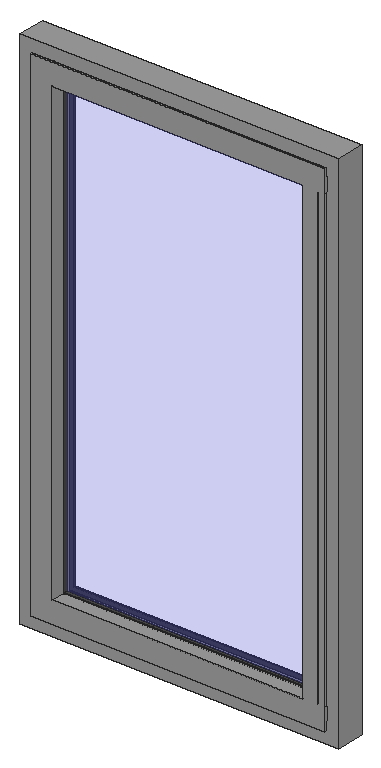
Revit family "SS_3250_LAP IC001_v02", category Windows, host Wall, Revit 2015
Parameters
  Wall Thickness [instance] = 0' - 6"
  URL = "obe.com"
  Rough Width = Width + 0' 0 1/2"  # 3' - 0 1/2"
  Rough Height = Height + 0' 0 1/2"  # 5' - 0 1/2"
  Offset Limitation [instance] = if((Offset + 0' 3 1/4") > Wall Thickness, (Wall Thickness - 0' 3 1/4"), Offset)  # 0' - 0"
  Offset [instance] = 0' - 0"
  Model = "SS_3250_LAP IC001"
  Manufacturer = "Oldcastle BuildingEnvelope®"
  Keynote = "08 51 00"
  Height = 5' - 0"
  Glass Material = Glass
  Gasket Material = Gasket
  Frame Material = Aluminum
  Description = "SIGNATURE SERIES 3.25 LAP"
  Default Sill Height = 3' - 0"
  Wall Closure = By host
  Width = 3' - 0"
  Assembly Code = "B2020\r\nB2020\r\n"
Reference planes (in)
  plane 1 "Center (Front/Back)": y = 0
  plane 2: z = 0
  plane 3 "Center (Left/Right)": x = 0.25
  plane 4 "Left": x = -18
  plane 5 "Right": x = 18.5
  plane 6 "Sill": z = 36
  plane 7 "Top": z = 96.5
  plane 8 "Offset": y = 3
  plane 9: x = 18.25
  plane 10: z = 96.25
  plane 11: x = -17.75
  plane 12: z = 36.25
  plane 13: z = 39.25
  plane 14: z = 93.25
  plane 15: z = 66.25
  plane 16 "INT": y = 1.451
Forms (in)
  Sweep 1, solid, material "Aluminum" <- "Frame Material"
    path origin (0, 3, 0) x (-1, 0, 0) y (0, 0, 1)
      loop
        line (17.75, 36) -> (17.75, 96.5)
    profile origin (-17.75, 3, 66.25) x (1, 0, 0) y (0, 1, 0)
      loop
        line (1.36814, -3.25) -> (1.36814, -0.08) -> (2.25, -0.08) -> (2.25, 0) -> (-0.25, 0) -> (-0.25, -0.08) -> (-0.25, -3.17) -> (-0.25, -3.25) -> (1.36814, -3.25)
  Extrusion 2, solid, material "Glass" <- "Glass Material"
    sketch origin (0, 0, 36) x (0, -1, 0) y (1, 0, 0)
      loop
        line (-2.451, 15.25) -> (-2.451, -14.75) -> (-1.451, -14.75) -> (-1.451, 15.25) -> (-2.451, 15.25)
    from 3.25 to 57.25
  Sweep 3, solid, material "Aluminum" <- "Frame Material"
    path origin (0, 3, 0) x (-1, 0, 0) y (0, 0, 1)
      loop
        line (-18.25, 96.5) -> (-18.25, 36)
    profile origin (18.25, 3, 66.25) x (0, 1, 0) y (-1, 0, 0)
      loop
        line (0, 2.25) -> (-0.08, 2.25) -> (-0.08, 1.36814) -> (-3.25, 1.36814) -> (-3.25, -0.25) -> (0, -0.25) -> (0, 2.25)
  Sweep 4, solid, material "Aluminum" <- "Frame Material"
    path origin (0, 3, 0) x (-1, 0, 0) y (0, 0, 1)
      loop
        line (18, 36.25) -> (-18.5, 36.25)
    profile origin (0.25, 3, 36.25) x (0, 0, -1) y (0, 1, 0)
      loop
        line (0.25, -3.25) -> (0.25, 0) -> (-2.25, 0) -> (-2.25, -0.174) -> (-1.375, -0.174) -> (-1.375, -3.25) -> (0.25, -3.25)
  Sweep 5, solid, material "Aluminum" <- "Frame Material"
    path origin (0, 3, 0) x (-1, 0, 0) y (0, 0, 1)
      loop
        line (-18.5, 96.25) -> (18, 96.25)
    profile origin (0.25, 3, 96.25) x (0, 0, 1) y (0, 1, 0)
      loop
        line (0.25, 0) -> (-2.25, 0) -> (-2.25, -0.17965) -> (-1.37526, -0.17965) -> (-1.37526, -3.25) -> (0.25, -3.25) -> (0.25, 0)
  Sweep 6, solid, material "Gasket" <- "Gasket Material", detail levels fine
    path origin (0, 3, 0) x (-1, 0, 0) y (0, 0, 1)
      loop
        line (-14.625, 92.625) -> (-14.625, 39.875) -> (14.125, 39.875) -> (14.125, 92.625) -> (-14.625, 92.625)
    profile origin (0.25, 3, 92.625) x (0, 0, 1) y (0, 1, 0)
      loop
        line (0.34093, -0.42398) -> (-0.014, -0.42398) -> (-0.014, -0.27489) -> (-0.05125, -0.28625) -> (-0.15422, -0.549) -> (0.34093, -0.549) -> (0.34093, -0.42398)
      loop
        line (-0.125, -1.549) -> (-0.03895, -1.829) -> (-0.00014, -1.829) -> (-0.01214, -1.74898) -> (0.16122, -1.74898) -> (0.23207, -1.66148) -> (0.3225, -1.58826)
        arc (0.3225, -1.58826) -> (0.33392, -1.57024) -> (0.33208, -1.549) r 0.03334
        line (0.33208, -1.549) -> (-0.125, -1.549)
  Sweep 7, solid, material "Aluminum" <- "Frame Material"
    path origin (0, 3, 0) x (-1, 0, 0) y (0, 0, 1)
      loop
        line (17.75, 95.1162) -> (17.75, 37.3838)
    profile origin (-17.75, 3, 66.25) x (0, 1, 0) y (-1, 0, 0)
      loop
        line (-0.25, -2) -> (-3.375, -2) -> (-3.375, -1.1338) -> (-3.5, -1.15625) -> (-3.5, -3.625) -> (-1.74898, -3.625) -> (-1.74898, -3) -> (-0.424, -3) -> (-0.424, -3.625) -> (-0.25, -3.625) -> (-0.25, -2)
  Sweep 8, solid, material "Aluminum" <- "Frame Material"
    path origin (0, 3, 0) x (-1, 0, 0) y (0, 0, 1)
      loop
        line (-18.25, 95.1162) -> (-18.25, 37.3838)
    profile origin (18.25, 3, 66.25) x (0, 1, 0) y (-1, 0, 0)
      loop
        line (-0.25, 2) -> (-0.25, 3.625) -> (-0.424, 3.625) -> (-0.424, 3) -> (-1.749, 3) -> (-1.749, 3.625) -> (-3.5, 3.625) -> (-3.5, 1.15625) -> (-3.375, 1.1338) -> (-3.375, 2) -> (-0.25, 2)
  Sweep 9, solid, material "Aluminum" <- "Frame Material"
    path origin (0, 3, 0) x (-1, 0, 0) y (0, 0, 1)
      loop
        line (-17.1162, 96.25) -> (16.6162, 96.25)
    profile origin (0.25, 3, 96.25) x (0, 0, 1) y (0, 1, 0)
      loop
        line (-2, -0.25) -> (-3.625, -0.25) -> (-3.625, -0.42398) -> (-3, -0.42398) -> (-3, -1.74898) -> (-3.62506, -1.74898) -> (-3.62506, -3.5) -> (-1.125, -3.5) -> (-1.125, -3.326) -> (-2, -3.326) -> (-2, -0.25)
  Sweep 10, solid, material "Aluminum" <- "Frame Material"
    path origin (0, 3, 0) x (-1, 0, 0) y (0, 0, 1)
      loop
        line (16.6162, 36.25) -> (-17.1162, 36.25)
    profile origin (0.25, 3, 36.25) x (0, 0, -1) y (0, 1, 0)
      loop
        line (-3.625, -0.25) -> (-3.625, -0.42398) -> (-3, -0.42398) -> (-3, -1.74898) -> (-3.625, -1.74898) -> (-3.625, -3.5) -> (-1.11135, -3.5) -> (-1.11135, -3.326) -> (-2, -3.326) -> (-2, -0.25) -> (-3.625, -0.25)
Cuts and joins
  joined: Sweep 1, Sweep 3, Sweep 4, Sweep 5
  joined: Sweep 7, Sweep 8, Sweep 9, Sweep 10
Lines and regions (in)
  Opening 1
    outline origin (-60, -3, 0) x (1, 0, 0) y (0, 0, 1)
      loop
        line (42, 96.5) -> (42, 36) -> (78.5, 36) -> (78.5, 96.5) -> (42, 96.5)
  model lines, style "Opening Direction"
    curve 1: line (14.625, 1.451, 92.625) -> (-14.125, 1.451, 66.25)
    curve 2: line (14.625, 1.451, 39.87506) -> (-14.125, 1.451, 66.25)
Text (in)
  text "EXTERIOR" at (-58.6888, 50.90694, 0), in view "Ref. Level"
  text "INTERIOR" at (-58.6888, -45.26638, 0), in view "Ref. Level"
  text "Exterior" at (0, 43.65631, 123.19604), in view "Left"
  text "Exterior" at (0, 18.29385, 125.04747), in view "Right"
  text "Min Size\n\n18\" width x 18\" height\n\n\n\nMax Size\n\n48\" x 84\"\n\n\n\nMax Operable Area\n\n21 square feet\n\n\n\nOperable Width must be less than or equal to height" at (104.46544, 66.81893, 0), in view "Ref. Level"
Dimensions and locks (in)
  "Rough Width": plane 4 "Left" to plane 5 "Right"
  "Rough Height": plane 6 "Sill" to plane 7 "Top"
  "Default Sill Height": plane 2 to plane 6 "Sill"
  "Wall Thickness": host wall to host wall
  "Offset Limitation": host wall to plane 8 "Offset"
  locked: plane 9 to plane 5 "Right" at 0.25
  locked: plane 10 to plane 7 "Top" at 0.25
  "Height": plane 12 to plane 10
  "Width": plane 11 to plane 9
  locked: plane 14 to plane 10 at 3
  locked: plane 12 to plane 13 at 3
  plane 8 "Offset" to Extrusion 2 sketch curve to Extrusion 2 sketch curve = 0' - 0.549" locked, 0' - 1" locked
  equal spacing: plane 4 "Left", plane 3 "Center (Left/Right)", plane 5 "Right"
  equal spacing: plane 6 "Sill", plane 15, plane 7 "Top"
  locked: plane 16 "INT" to plane 8 "Offset" at 1.549
  locked: Sweep 9 sketch curve to plane 9 at 1.1338
  locked: plane 11 to Sweep 9 sketch curve at 1.1338
  locked: plane 11 to Sweep 10 sketch curve at 1.1338
  locked: Sweep 10 sketch curve to plane 9 at 1.1338
  locked: Sweep 7 sketch curve to plane 10 at 1.1338
  locked: plane 12 to Sweep 7 sketch curve at 1.1338
  locked: plane 12 to Sweep 8 sketch curve at 1.1338
  locked: Sweep 8 sketch curve to plane 10 at 1.1338
  aligned and locked: plane 7 "Top" to Opening 1 sketch curve
  aligned and locked: plane 6 "Sill" to Opening 1 sketch curve  (x2)
  aligned and locked: plane 5 "Right" to Opening 1 sketch curve
  aligned and locked: plane 4 "Left" to Opening 1 sketch curve
  aligned and locked: level to plane 2
  aligned and locked: plane 13 to Extrusion 2
  aligned and locked: Extrusion 2 to plane 14
  aligned and locked: plane 15 to curve 2
  aligned and locked: Sweep 7 sketch curve to plane 11
  aligned and locked: Sweep 8 sketch curve to plane 9
  aligned and locked: plane 10 to Sweep 9 sketch curve
  aligned and locked: Sweep 10 sketch curve to plane 12
Automatic sketch dimensions
  Extrusion 2 sketch curve to plane 11 = 0' - 3"
  plane 9 to Extrusion 2 sketch curve = 0' - 3"
  plane 9 to Sweep 3 sketch curve = 0' - 0"
  plane 12 to Sweep 3 sketch curve = 0' - 0 1/4"
  Sweep 3 sketch curve to plane 10 = 0' - 0 1/4"
  Sweep 3 sketch curve to plane 8 "Offset" = 0' - 0"
  profile plane to Sweep 3 sketch curve = 0' - 0 1/4"
  Sweep 1 sketch curve to plane 8 "Offset" = 0' - 0"
  profile plane to Sweep 1 sketch curve = 0' - 0 1/4"
  Sweep 1 sketch curve to Sweep 1 sketch curve = 0' - 3.17"
  Sweep 1 sketch curve to Sweep 1 sketch curve = 0' - 0.08"  (x3)
  Sweep 4 sketch curve to plane 8 "Offset" = 0' - 0"
  Sweep 4 sketch curve to profile plane = 0' - 0 1/4"
  Sweep 6 sketch curve to plane 13 = 0' - 0 5/8"
  Sweep 6 sketch curve to plane 11 = 0' - 3 5/8"
  plane 14 to Sweep 6 sketch curve = 0' - 0 5/8"
  plane 9 to Sweep 6 sketch curve = 0' - 3 5/8"
  profile plane to Sweep 6 sketch curve = 0' - 0.15422"
  profile plane to Sweep 6 sketch curve = 0' - 0 1/8"
  profile plane to Sweep 6 sketch curve = 0' - 0.05125"
  profile plane to Sweep 6 sketch curve = 0' - 0.014"
  profile plane to Sweep 6 sketch curve = 0' - 0.01214"
  Sweep 6 sketch curve to profile plane = 0' - 0.16122"
  Sweep 6 sketch curve to Sweep 6 sketch curve = 0' - 0.07085"
  Sweep 6 sketch curve to Sweep 6 sketch curve = 0' - 0.06945"
  Sweep 6 sketch curve to Sweep 6 sketch curve = 0' - 0.02098"
  Sweep 6 sketch curve to Sweep 6 sketch curve = 0' - 0.03056"
  Sweep 6 sketch curve to profile plane = 0' - 0.34093"
  Sweep 6 sketch curve to plane 8 "Offset" = 0' - 1.74898"
  Sweep 6 sketch curve to Sweep 6 sketch curve = 0' - 0.0875"
  Sweep 6 sketch curve to Sweep 6 sketch curve = 0' - 0.07323"
  Sweep 6 sketch curve to Sweep 6 sketch curve = 0' - 0.02591"
  Sweep 6 sketch curve to plane 8 "Offset" = 0' - 0.549"
  Sweep 6 sketch curve to Sweep 6 sketch curve = 0' - 0.12502"
  Sweep 6 sketch curve to Sweep 6 sketch curve = 0' - 0.13773"
  Sweep 6 sketch curve to Sweep 6 sketch curve = 0' - 0.01136"
  profile plane to Sweep 6 sketch curve = 0' - 0.03895"
  profile plane to Sweep 6 sketch curve = 0' - 0.00014"
  Sweep 6 sketch curve to Sweep 6 sketch curve = 0' - 0.08002"
  plane 11 to Sweep 1 sketch curve = 0' - 0"
  Sweep 1 sketch curve to plane 6 "Sill" = 0' - 0"
  Sweep 1 sketch curve to plane 7 "Top" = 0' - 0"
  plane 5 "Right" to Sweep 5 sketch curve = 0' - 0"
  plane 4 "Left" to Sweep 5 sketch curve = 0' - 0"
  Sweep 5 sketch curve to plane 10 = 0' - 0"
  plane 5 "Right" to Sweep 4 sketch curve = 0' - 0"
  plane 4 "Left" to Sweep 4 sketch curve = 0' - 0"
  Sweep 4 sketch curve to plane 12 = 0' - 0"
  curve 1 to plane 11 = 0' - 3 5/8"
  curve 2 to plane 13 = 0' - 0.62506"
  plane 9 to curve 2 = 0' - 3 5/8"
  plane 14 to curve 1 = 0' - 0 5/8"
  plane 9 to curve 1 = 0' - 3 5/8"
  Sweep 5 sketch curve to plane 8 "Offset" = 0' - 0"
  profile plane to Sweep 5 sketch curve = 0' - 2 1/4"
  Sweep 5 sketch curve to profile plane = 0' - 0 1/4"
  Sweep 5 sketch curve to Sweep 5 sketch curve = 0' - 3 1/4"
  Sweep 5 sketch curve to Sweep 5 sketch curve = 0' - 0.87474"
  Sweep 5 sketch curve to plane 8 "Offset" = 0' - 0.17965"
  Sweep 4 sketch curve to Sweep 4 sketch curve = 0' - 3 1/4"
  Sweep 4 sketch curve to Sweep 4 sketch curve = 0' - 0.174"
  Sweep 4 sketch curve to Sweep 4 sketch curve = 0' - 0 7/8"
  profile plane to Sweep 4 sketch curve = 0' - 1 3/8"
  Sweep 1 sketch curve to profile plane = 0' - 1.36814"
  Sweep 1 sketch curve to Sweep 1 sketch curve = 0' - 0.88186"
  Sweep 3 sketch curve to plane 8 "Offset" = 0' - 0.08"
  Sweep 3 sketch curve to plane 8 "Offset" = 0' - 3 1/4"
  Sweep 3 sketch curve to profile plane = 0' - 1.36814"
  Sweep 3 sketch curve to Sweep 3 sketch curve = 0' - 0.88186"
  Sweep 7 sketch curve to plane 8 "Offset" = 0' - 3 1/2"
  Sweep 7 sketch curve to plane 8 "Offset" = 0' - 1.74898"
  Sweep 7 sketch curve to plane 8 "Offset" = 0' - 0.424"
  Sweep 7 sketch curve to Sweep 7 sketch curve = 0' - 0.174"
  Sweep 7 sketch curve to Sweep 7 sketch curve = 0' - 0"
  Sweep 7 sketch curve to Sweep 7 sketch curve = 0' - 0 5/8"
  Sweep 7 sketch curve to Sweep 7 sketch curve = 0' - 1"
  Sweep 7 sketch curve to Sweep 7 sketch curve = 0' - 0 1/8"
  Sweep 7 sketch curve to Sweep 7 sketch curve = 0' - 0 27/32"
  profile plane to Sweep 7 sketch curve = 0' - 1 5/32"
  profile plane to Sweep 7 sketch curve = 0' - 1.1338"
  Sweep 8 sketch curve to plane 8 "Offset" = 0' - 0 1/4"
  Sweep 8 sketch curve to Sweep 8 sketch curve = 0' - 0.174"
  Sweep 8 sketch curve to Sweep 8 sketch curve = 0' - 0"
  Sweep 8 sketch curve to Sweep 8 sketch curve = 0' - 1.325"
  Sweep 8 sketch curve to Sweep 8 sketch curve = 0' - 0 5/8"
  Sweep 8 sketch curve to profile plane = 0' - 1.1338"
  Sweep 8 sketch curve to Sweep 8 sketch curve = 0' - 0 1/8"
  Sweep 8 sketch curve to Sweep 8 sketch curve = 0' - 1.626"
  Sweep 8 sketch curve to Sweep 8 sketch curve = 0' - 0.02245"
  Sweep 8 sketch curve to Sweep 8 sketch curve = 0' - 0.8662"
  Sweep 8 sketch curve to Sweep 8 sketch curve = 0' - 1"
  Sweep 10 sketch curve to plane 8 "Offset" = 0' - 0 1/4"
  profile plane to Sweep 10 sketch curve = 0' - 3 5/8"
  Sweep 10 sketch curve to Sweep 10 sketch curve = 0' - 0"
  Sweep 10 sketch curve to Sweep 10 sketch curve = 0' - 0 5/8"
  Sweep 10 sketch curve to Sweep 10 sketch curve = 0' - 1 5/8"
  Sweep 10 sketch curve to Sweep 10 sketch curve = 0' - 0.88865"
  Sweep 10 sketch curve to Sweep 10 sketch curve = 0' - 0.17398"
  Sweep 10 sketch curve to Sweep 10 sketch curve = 0' - 1.325"
  Sweep 10 sketch curve to Sweep 10 sketch curve = 0' - 1.57702"
  Sweep 10 sketch curve to Sweep 10 sketch curve = 0' - 0.174"
  profile plane to Sweep 9 sketch curve = 0' - 3.62506"
  Sweep 9 sketch curve to plane 8 "Offset" = 0' - 0.42398"
  Sweep 9 sketch curve to Sweep 9 sketch curve = 0' - 0.00006"
  Sweep 9 sketch curve to Sweep 9 sketch curve = 0' - 0.62506"
  Sweep 9 sketch curve to Sweep 9 sketch curve = 0' - 1.62506"
  Sweep 9 sketch curve to Sweep 9 sketch curve = 0' - 0 7/8"
  Sweep 9 sketch curve to Sweep 9 sketch curve = 0' - 1.325"
  Sweep 9 sketch curve to Sweep 9 sketch curve = 0' - 1.57702"
  Sweep 9 sketch curve to Sweep 9 sketch curve = 0' - 0.174"
  Sweep 9 sketch curve to Sweep 9 sketch curve = 0' - 0.17398"
